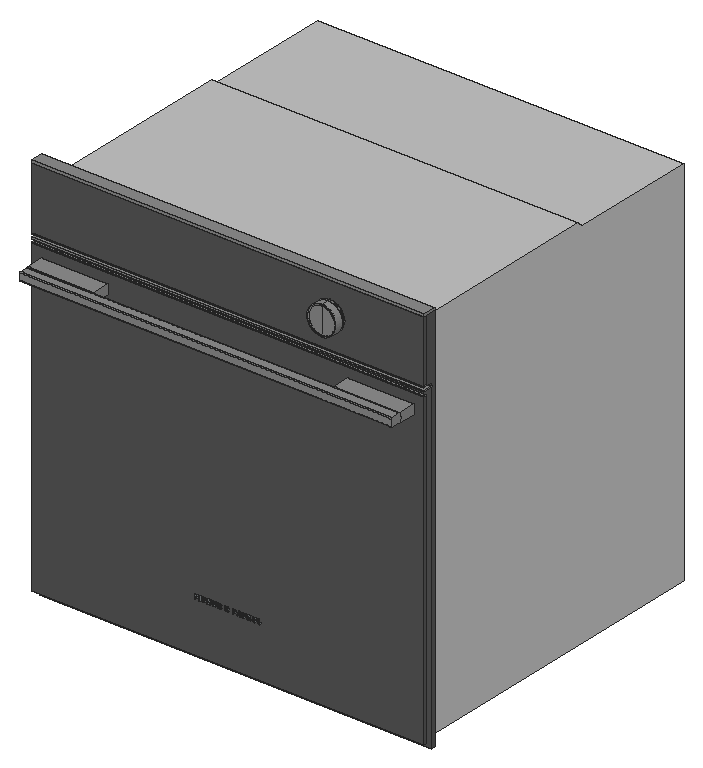
Revit family "FP-Revit19-en-OS24SMTDB1-SteamOven-0-90003139A-US-CA", category Specialty Equipment, Revit 2019
Family settings
  Round Connector Dimension = Use Diameter
  Part Type = Normal
  OmniClass Number = 23.40.40.14.17.11
  OmniClass Title = Cookers, Ovens, Stoves
  Work Plane-Based = No
  Always vertical = Yes
  Cut with Voids When Loaded = Yes
  Shared = No
  Room Calculation Point = No
Parameters (values of type "OS24SMTDB1")
  Visibility - Clearance Required = yes
  URL = "www.fisherpaykel.com"
  Product - Height = 598 mm  # constant formula
  Product - Width = 596 mm  # constant formula
  Product - Depth (Exc. Handles) = 565 mm  # constant formula
  Opening - Height = 600 mm  # constant formula
  Model = "OS24SMTDB1"
  Material - Trim = Fisher & Paykel - Aluminium, Dark
  Material - Structure = Fisher & Paykel - Black
  Material - Handle = Fisher & Paykel - Aluminium, Dark
  Material - Glass = Fisher & Paykel - Glass, Black
  Material - Buttons and Dials = Fisher & Paykel - Aluminium, Dark
  Material - Body = Fisher & Paykel - Grey
  Manufacturer = "Fisher & Paykel Appliances"
  FFL Offset [instance] = 915 mm
  Description = "Combination Steam Oven, 24\", 23 Function"
  Connector Description - Electrical = "208–240V, 60Hz, 16.6-19.4 A"
  Chassis - Width = 556 mm  # constant formula
  Chassis - Height = 575 mm  # constant formula
  Chassis - Depth = 545 mm  # constant formula
  Cavity - Width = 560 mm  # constant formula
  Cavity - Height = 580 mm  # constant formula
  Cavity - Depth = 550 mm  # constant formula
Reference planes
  plane 1 "Datum": y = 0
  plane 2: z = -2
  plane 3 "Center (Left/Right)": x = 0
  plane 4 "Product LHS": x = -298
  plane 5 "Product RHS": x = 298
  plane 6 "Cavity RHS": x = 280
  plane 7 "FFL Offset": z = 913
  plane 8 "Chassis - Depth": y = 545
  plane 9 "Front Face": y = -20
  plane 10 "Chassis - Height": z = 1488
  plane 11 "Cavity - Height": z = 1493
  plane 12 "Opening - Height": z = 1513
  plane 13 "Cavity LHS": x = -280
  plane 14 "Cavity - Depth": y = 550
  plane 15 "Product - Height": z = 1511
  plane 16 "Opening - RHS": x = 300
  plane 17 "Opening - LHS": x = -300
  plane 18 "Chassis RHS": x = 278
  plane 19 "Chassis LHS": x = -278
Forms (mm)
  Extrusion 1, solid, material "Fisher & Paykel - Grey" <- "Material - Body"
    sketch origin (0, 0, 0) x (0, 1, 0) y (0, 0, 1)
      loop
        line (0, 1488) -> (0, 913) -> (528, 913) -> (528, 1103) -> (545, 1123) -> (545, 1318) -> (498, 1373) -> (498, 1481) -> (305, 1481) -> (298, 1488) -> (0, 1488)
    from -278 to 278
  Extrusion 2, solid, material "Fisher & Paykel - Black" <- "Material - Structure", detail levels fine
    sketch origin (0, 0, 0) x (0, 1, 0) y (0, 0, 1)
      loop
        line (0, 1507.7) -> (-16, 1507.7) -> (-16, 1411) -> (-4, 1411) -> (-4, 913) -> (0, 913) -> (0, 1507.7)
    from -298 to 298
  Extrusion 3, solid, material "Fisher & Paykel - Glass, Black" <- "Material - Glass", detail levels fine
    sketch origin (0, 0, -3) x (0, 1, 0) y (0, 0, 1)
      loop
        line (-20, 1401.4) -> (-20, 927.5) -> (-16, 927.5) -> (-16, 1401.4) -> (-20, 1401.4)
      loop
        line (-20, 1415.6) -> (-16, 1415.6) -> (-16, 1510.7) -> (-20, 1510.7) -> (-20, 1415.6)
    from -298 to 298
  Extrusion 4, solid, material "Fisher & Paykel - Black" <- "Material - Structure", detail levels fine
    sketch origin (0, 0, 0) x (0, 1, 0) y (0, 0, 1)
      loop
        line (-16, 924.5) -> (-4, 924.5) -> (-4, 1395.364) -> (-13.99, 1399) -> (-16, 1399) -> (-16, 924.5)
    from -268 to 268
  Extrusion 5, solid, material "Fisher & Paykel - Clearance Required", visible <- "Visibility - Clearance Required", detail levels coarse
    sketch origin (0, 0, -2) x (1, 0, 0) y (0, 1, 0)
      loop
        line (-280, 0) -> (280, 0) -> (280, 550) -> (-280, 550) -> (-280, 0)
    from 915 to 1495
  Extrusion 6, void
    sketch origin (0, 0, 0) x (0, 1, 0) y (0, 0, 1)
      loop
        line (-20, 913) -> (0, 913) -> (0, 1513) -> (-20, 1513) -> (-20, 913)
    from -300 to 300
  Extrusion 7, solid, material "Fisher & Paykel - Aluminium, Dark" <- "Material - Trim", detail levels fine
    sketch origin (0, 0, -1.199) x (0, 1, 0) y (0, 0, 1)
      loop
        line (-16, 1412.199) -> (-16, 1413.799) -> (-20, 1413.799) -> (-20, 1412.199) -> (-16, 1412.199)
      loop
        line (-16, 1399.599) -> (-16, 1401.199) -> (-20, 1401.199) -> (-20, 1399.599) -> (-16, 1399.599)
      loop
        line (-4, 1405.799) -> (-4, 1407.399) -> (-20, 1407.399) -> (-20, 1405.799) -> (-4, 1405.799)
      loop
        line (0, 1508.899) -> (0, 1512.199) -> (-20, 1512.199) -> (-20, 1508.899) -> (0, 1508.899)
    from -298 to 298
  Extrusion 8, void
    sketch origin (0, 0, -2) x (1, 0, 0) y (0, 1, 0)
      loop
        line (201.865, 545) -> (229, 498) -> (278, 498) -> (278, 545) -> (201.865, 545)
      loop
        line (-201.865, 545) -> (-278, 545) -> (-278, 498) -> (-229, 498) -> (-201.865, 545)
    from 915 to 1495
  Extrusion 9, void
    sketch origin (0, 0, -2) x (1, 0, 0) y (0, 1, 0)
      loop
        line (-280, 0) -> (280, 0) -> (280, 550) -> (-280, 550) -> (-280, 0)
    from 915 to 1495
  Extrusion 10, solid, material "Fisher & Paykel - Glass, Black" <- "Material - Glass", detail levels coarse+medium
    sketch origin (0, 1, 0) x (0, 1, 0) y (0, 0, 1)
      loop
        line (-1, 1511) -> (-21, 1511) -> (-21, 1411) -> (-5, 1411) -> (-5, 1395.364) -> (-14.99, 1399) -> (-17, 1399) -> (-17, 1400) -> (-21, 1400) -> (-21, 924.5) -> (-5, 924.5) -> (-5, 913) -> (-1, 913) -> (-1, 1511)
    from -298 to 298
  Extrusion 11, solid, material "Fisher & Paykel - Clearance Required", visible <- "Visibility - Clearance Required", detail levels coarse
    sketch origin (0, 0, 0) x (0, 1, 0) y (0, 0, 1)
      loop
        line (-20, 946.639) -> (-20, 913) -> (0, 913) -> (0, 1513) -> (-20, 1513) -> (-20, 1400)
        arc (-20, 1400) -> (-332.479, 1274.952) -> (-475.335, 970.203) r 458.415
        line (-475.335, 970.203) -> (-461.431, 969.484) -> (-463.168, 935.896) -> (-450.381, 935.235) -> (-448.645, 968.805) -> (-20, 946.639)
    from -300 to 300
Cuts and joins
  Extrusion 8 cuts Extrusion 1
Text (mm)
  text "Due to ongoing product development, product details are subject to change without notice. \nPlease always refer to www.fisherpaykel.com for the most current product information. \n© Fisher & Paykel 2020" at (41.04, -613.295, 0), in view "Ref. Level (Plan)"
Dimensions and locks
  equal spacing: plane 4 "Product LHS", plane 3 "Center (Left/Right)", plane 5 "Product RHS"
  "Product - Width": plane 4 "Product LHS" to plane 5 "Product RHS"
  "FFL Offset": plane 7 "FFL Offset" to level
  locked: plane 9 "Front Face" to plane 1 "Datum" at 20
  "Cavity - Height": plane 11 "Cavity - Height" to plane 7 "FFL Offset"
  "Chassis - Height": plane 10 "Chassis - Height" to plane 7 "FFL Offset"
  "Cavity - Depth": plane 1 "Datum" to plane 14 "Cavity - Depth"
  "Cavity - Width": plane 13 "Cavity LHS" to plane 6 "Cavity RHS"
  Extrusion 6 to Extrusion 3 = 11.5 mm
  "Chassis - Depth": plane 1 "Datum" to plane 8 "Chassis - Depth"
  equal spacing: plane 13 "Cavity LHS", plane 3 "Center (Left/Right)", plane 6 "Cavity RHS"
  "Opening - Height": plane 7 "FFL Offset" to plane 12 "Opening - Height"
  "Product - Height": plane 7 "FFL Offset" to plane 15 "Product - Height"
  equal spacing: cut or joined group of Extrusion 1, Extrusion 8, plane 3 "Center (Left/Right)", cut or joined group of Extrusion 1, Extrusion 8
  "Chassis - Width": cut or joined group of Extrusion 1, Extrusion 8 to cut or joined group of Extrusion 1, Extrusion 8
  locked: nested 2 to plane 15 "Product - Height" at 129.028
  locked: plane 15 "Product - Height" to nested 4 at 502.847
  locked: nested 1 to plane 15 "Product - Height" at 52.1
  locked: nested 3 to plane 15 "Product - Height" at 135
  aligned and locked: level to plane 2
  aligned and locked: plane 4 "Product LHS" to Extrusion 3
  aligned and locked: Extrusion 3 to plane 5 "Product RHS"
  aligned and locked: plane 4 "Product LHS" to Extrusion 2
  aligned and locked: Extrusion 2 to plane 5 "Product RHS"
  aligned and locked: Extrusion 1 to plane 7 "FFL Offset"
  aligned and locked: Extrusion 7 to plane 5 "Product RHS"
  aligned and locked: Extrusion 7 to Extrusion 3  (x2)
  aligned and locked: Extrusion 6 to Extrusion 3  (x2)
  aligned and locked: Extrusion 3 to Extrusion 7
  aligned and locked: Extrusion 4 to Extrusion 3
  aligned and locked: Extrusion 4 to Extrusion 2
  aligned and locked: Extrusion 7 to plane 1 "Datum"
  aligned and locked: plane 9 "Front Face" to Extrusion 6
  aligned and locked: Extrusion 5 to plane 6 "Cavity RHS"
  aligned and locked: plane 11 "Cavity - Height" to Extrusion 5
  aligned and locked: Extrusion 6 to plane 12 "Opening - Height"
  aligned and locked: Extrusion 6 to Extrusion 2
  aligned and locked: Extrusion 7 to plane 15 "Product - Height"
  aligned and locked: Extrusion 7 to Extrusion 2
  aligned and locked: Extrusion 8 to Extrusion 1
  aligned and locked: Extrusion 5 to Extrusion 2
  aligned and locked: Extrusion 5 to plane 7 "FFL Offset"
  aligned and locked: Extrusion 5 to Extrusion 8
  aligned and locked: Extrusion 1 to Extrusion 8
  aligned and locked: Extrusion 9 to Extrusion 5
  aligned and locked: Extrusion 2 to Extrusion 9
  aligned and locked: Extrusion 6 to plane 7 "FFL Offset"
  aligned and locked: Extrusion 2 to plane 7 "FFL Offset"
  aligned and locked: Extrusion 3 to Extrusion 4
Automatic sketch dimensions
  Extrusion 1 sketch curve to plane 1 "Datum" = 0 mm
  Extrusion 1 sketch curve to plane 10 "Chassis - Height" = 0 mm
  Extrusion 1 sketch curve to plane 7 "FFL Offset" = 0 mm
  Extrusion 1 sketch curve to plane 8 "Chassis - Depth" = 0 mm
  Extrusion 1 sketch curve to Extrusion 1 sketch curve = 7 mm
  Extrusion 1 sketch curve to plane 10 "Chassis - Height" = 7 mm
  plane 7 "FFL Offset" to Extrusion 1 sketch curve = 190 mm
  Extrusion 1 sketch curve to Extrusion 1 sketch curve = 20 mm
  Extrusion 1 sketch curve to Extrusion 1 sketch curve = 163 mm
  Extrusion 1 sketch curve to Extrusion 1 sketch curve = 55 mm
  Extrusion 2 sketch curve to plane 7 "FFL Offset" = 0 mm
  Extrusion 2 sketch curve to plane 1 "Datum" = 0 mm
  plane 1 "Datum" to Extrusion 2 sketch curve = 4 mm
  Extrusion 2 sketch curve to plane 9 "Front Face" = 4 mm
  Extrusion 2 sketch curve to plane 10 "Chassis - Height" = 77 mm
  plane 15 "Product - Height" to Extrusion 2 sketch curve = 3.3 mm
  Extrusion 3 sketch curve to plane 9 "Front Face" = 0 mm  (x2)
  Extrusion 3 sketch curve to Extrusion 3 sketch curve = 4 mm  (x2)
  plane 7 "FFL Offset" to Extrusion 3 sketch curve = 11.5 mm
  Extrusion 3 sketch curve to plane 10 "Chassis - Height" = 89.6 mm
  Extrusion 3 sketch curve to Extrusion 3 sketch curve = 14.2 mm
  plane 15 "Product - Height" to Extrusion 3 sketch curve = 3.3 mm
  Extrusion 4 sketch curve to plane 9 "Front Face" = 4 mm
  Extrusion 4 sketch curve to Extrusion 4 sketch curve = 2.01 mm
  plane 1 "Datum" to Extrusion 4 sketch curve = 4 mm
  plane 7 "FFL Offset" to Extrusion 4 sketch curve = 11.5 mm
  Extrusion 4 sketch curve to plane 10 "Chassis - Height" = 92.636 mm
  Extrusion 4 sketch curve to Extrusion 4 sketch curve = 3.636 mm
  Extrusion 5 sketch curve to plane 13 "Cavity LHS" = 0 mm
  Extrusion 5 sketch curve to plane 6 "Cavity RHS" = 0 mm
  plane 1 "Datum" to Extrusion 5 sketch curve = 0 mm
  Extrusion 5 sketch curve to plane 14 "Cavity - Depth" = 0 mm
  Extrusion 6 sketch curve to plane 9 "Front Face" = 0 mm
  Extrusion 6 sketch curve to plane 1 "Datum" = 0 mm
  Extrusion 6 sketch curve to plane 7 "FFL Offset" = 0 mm
  plane 12 "Opening - Height" to Extrusion 6 sketch curve = 0 mm
  Extrusion 7 sketch curve to plane 9 "Front Face" = 0 mm  (x4)
  Extrusion 7 sketch curve to plane 1 "Datum" = 0 mm
  plane 15 "Product - Height" to Extrusion 7 sketch curve = 0 mm
  Extrusion 7 sketch curve to Extrusion 7 sketch curve = 4 mm  (x2)
  plane 1 "Datum" to Extrusion 7 sketch curve = 4 mm
  plane 15 "Product - Height" to Extrusion 7 sketch curve = 3.3 mm
  Extrusion 7 sketch curve to plane 10 "Chassis - Height" = 75.4 mm
  Extrusion 7 sketch curve to Extrusion 7 sketch curve = 1.6 mm  (x3)
  Extrusion 7 sketch curve to Extrusion 7 sketch curve = 4.8 mm
  Extrusion 7 sketch curve to Extrusion 7 sketch curve = 4.6 mm
  Extrusion 8 sketch curve to plane 8 "Chassis - Depth" = 0 mm  (x2)
  Extrusion 8 sketch curve to plane 19 "Chassis LHS" = 0 mm
  Extrusion 8 sketch curve to plane 18 "Chassis RHS" = 0 mm
  Extrusion 8 sketch curve to Extrusion 8 sketch curve = 49 mm  (x2)
  Extrusion 8 sketch curve to Extrusion 8 sketch curve = 27.135 mm
  Extrusion 8 sketch curve to Extrusion 8 sketch curve = 76.135 mm
  Extrusion 9 sketch curve to plane 13 "Cavity LHS" = 0 mm
  Extrusion 9 sketch curve to plane 6 "Cavity RHS" = 0 mm
  plane 1 "Datum" to Extrusion 9 sketch curve = 0 mm
  Extrusion 9 sketch curve to plane 14 "Cavity - Depth" = 0 mm
  Extrusion 10 sketch curve to plane 9 "Front Face" = 0 mm  (x2)
  Extrusion 10 sketch curve to plane 7 "FFL Offset" = 0 mm
  Extrusion 10 sketch curve to plane 1 "Datum" = 0 mm
  plane 15 "Product - Height" to Extrusion 10 sketch curve = 0 mm
  Extrusion 10 sketch curve to plane 9 "Front Face" = 4 mm
  Extrusion 10 sketch curve to Extrusion 10 sketch curve = 2.01 mm
  plane 1 "Datum" to Extrusion 10 sketch curve = 4 mm  (x2)
  plane 7 "FFL Offset" to Extrusion 10 sketch curve = 11.5 mm
  Extrusion 10 sketch curve to plane 10 "Chassis - Height" = 92.636 mm
  Extrusion 10 sketch curve to Extrusion 10 sketch curve = 3.636 mm
  Extrusion 10 sketch curve to Extrusion 10 sketch curve = 1 mm
  Extrusion 10 sketch curve to Extrusion 10 sketch curve = 11 mm
  plane 9 "Front Face" to Extrusion 11 sketch curve = 455.335 mm
  Extrusion 11 sketch curve to Extrusion 11 sketch curve = 12.167 mm
  plane 12 "Opening - Height" to Extrusion 11 sketch curve = 543.516 mm
  Extrusion 11 sketch curve to Extrusion 11 sketch curve = 13.904 mm
  Extrusion 11 sketch curve to Extrusion 11 sketch curve = 12.787 mm
  plane 12 "Opening - Height" to Extrusion 11 sketch curve = 544.195 mm
  Extrusion 11 sketch curve to Extrusion 11 sketch curve = 12.786 mm
  plane 9 "Front Face" to Extrusion 11 sketch curve = 0 mm  (x2)
  Extrusion 11 sketch curve to Extrusion 11 sketch curve = 2.186 mm
  Extrusion 11 sketch curve to Extrusion 11 sketch curve = 20 mm
  Extrusion 11 sketch curve to Extrusion 11 sketch curve = 33.639 mm
  Extrusion 11 sketch curve to Extrusion 11 sketch curve = 5.049 mm
  Extrusion 11 sketch curve to Extrusion 11 sketch curve = 113 mm
  Extrusion 1 sketch curve to plane 8 "Chassis - Depth" = 247 mm
  Extrusion 1 sketch curve to plane 8 "Chassis - Depth" = 47 mm
  Extrusion 1 sketch curve to plane 8 "Chassis - Depth" = 17 mm
  Extrusion 8 sketch curve to plane 8 "Chassis - Depth" = 47 mm  (x2)
Nested families
  nested 1: "F&P Dial Minimal Oven" at (155.3, -20, 1459), type "F&P Dial Minimal Oven"
  nested 2: "F&P Power Connection Oven" at (-238.509, 523.004, 1424) x (0, -1, 0) z (0, 0, 1), type "F&P Power Connection Oven"
  nested 3: "F&P Handle Contemporary Square Fine OB60-24" at (0, -20, 1376.022), type "Aluminium Black"
  nested 4: "F&P Logo 100mm" at (0.044, -20, 1002), type "Grey"
Connectors
  electrical at (-238.509, 498, 1424), driven by "Connector Description - Electrical"
    settings: on nested 2, index 1, voltage 120 V, apparent load 0 VA, apparent load phase1 0 VA, apparent load phase2 0 VA, apparent load phase3 0 VA, power factor 1, load classification "Other", number of poles 1, system type 30, power factor state 1, is connector primary yes, connector utility no, sub classification motor no, connector description "208–240V, 60Hz, 16.6-19.4 A"
Definition of nested family "F&P Dial Minimal Oven"
  Parameters (values of type "F&P Dial Minimal Oven")
    URL = "www.fisherpaykel.com"
    Material - Buttons and Dials = none
    Manufacturer = "Fisher & Paykel Appliances"
  Reference planes
    plane 1 "Center (Front/Back)": y = 0
    plane 2: z = 0
    plane 3 "Center (Left/Right)": x = 0
    plane 4: x = 0
    plane 5 "Dial": z = 0
  Forms (mm)
    Revolve 1, solid, material <- "Material - Buttons and Dials", detail levels fine
      sketch origin (0, 0, 0) x (0, 1, 0) y (0, 0, 1)
        loop
          line (-15.2, 0) -> (0, 0) -> (0, 22) -> (-0.8, 22) -> (-0.8, 18.5) -> (-4.2, 18.5) -> (-4.2, 20.136) -> (-4.7, 22) -> (-15.8, 22) -> (-15.8, 21.2) -> (-15.301, 20) -> (-15.301, 0)
        axis (-15.8, 0) -> (0, 0)
      angle from 0 to 360
    Revolve 2, solid, material <- "Material - Buttons and Dials", detail levels coarse+medium
      sketch origin (0, 0, 0) x (0, 1, 0) y (0, 0, 1)
        loop
          line (0, 18.5) -> (-4.2, 18.5) -> (-4.2, 22) -> (-15.8, 22) -> (-15.8, 0) -> (0, 0) -> (0, 18.5)
        axis (-15.8, 0) -> (0, 0)
      angle from 0 to 360
  Dimensions and locks
    aligned and locked: level to plane 2
Definition of nested family "F&P Power Connection Oven"
  Parameters (values of type "F&P Power Connection Cooktop")
    URL = "www.fisherpaykel.com"
    Model = ""
    Material - Body = none
    Manufacturer = "Fisher & Paykel Appliances"
    Description = ""
  Reference planes
    plane 1 "Center (Front/Back)": y = 0
    plane 2: z = 0
    plane 3 "Center (Left/Right)": x = 0
    plane 4 "Cable": y = 0
  Forms (mm)
    Revolve 1, solid, material <- "Material - Body"
      sketch origin (-0.023, -399.847, 84.822) x (0, 1, 0) y (0, 0, -1)
        loop
          line (399.847, 73.156) -> (399.847, 126.85) -> (388.182, 126.85) -> (388.182, 84.821)
          arc (388.182, 84.821) -> (391.598, 76.573) -> (399.847, 73.156) r 11.665
        axis (399.847, 73.156) -> (399.847, 126.85)
      angle from 0 to 360
    Revolve 2, solid, material <- "Material - Body"
      sketch origin (399.232, 0, 534.575) x (-1, 0, 0) y (0, 0, 1)
        loop
          line (374.229, -522.91) -> (374.229, -534.575) -> (410.733, -534.575)
          arc (410.733, -534.575) -> (407.312, -526.326) -> (399.061, -522.91) r 11.672
          line (399.061, -522.91) -> (374.229, -522.91)
        axis (374.229, -534.575) -> (410.733, -534.575)
      angle from 0 to 360
    Revolve 3, solid, material <- "Material - Body", detail levels fine
      sketch origin (0, 0.009, -36.5) x (1, 0, 0) y (0, -1, 0)
        loop
          line (-6, -15.491) -> (9, -15.491) -> (9, -13.132) -> (-4, -13.132) -> (-4, -11.491) -> (-6, -11.491) -> (-6, -15.491)
        axis (-6, -15.491) -> (9, -15.491)
      angle from 0 to 360
    Extrusion 4, solid, material <- "Material - Body", detail levels fine
      sketch origin (0, 0.206, -626.022) x (0, 1, 0) y (0, 0, 1)
        loop
          line (-10.988, 595.022) -> (-15.706, 595.022)
          arc (-15.706, 595.022) -> (-21.206, 589.522) -> (-15.706, 584.022) r 5.5
          line (-15.706, 584.022) -> (-10.988, 584.022) -> (-10.988, 595.022)
      from -4 to 0
    Extrusion 5, solid, material <- "Material - Body", detail levels fine
      sketch origin (0, -0.206, -626.022) x (0, -1, 0) y (0, 0, -1)
        loop
          line (-11.044, -595.022) -> (-11.044, -584.022) -> (-15.706, -584.022)
          arc (-15.706, -584.022) -> (-21.206, -589.522) -> (-15.706, -595.022) r 5.5
          line (-15.706, -595.022) -> (-11.044, -595.022)
      from -4 to 0
    Revolve 6, solid, material <- "Material - Body", detail levels fine
      sketch origin (0, -0.009, -36.5) x (1, 0, 0) y (0, 1, 0)
        loop
          line (-6, -15.491) -> (9, -15.491) -> (9, -13.132) -> (-4, -13.132) -> (-4, -11.491) -> (-6, -11.491) -> (-6, -15.491)
        axis (-6, -15.491) -> (9, -15.491)
      angle from 0 to 360
  Text (mm)
    text "Due to ongoing product development, product details are subject to change without notice. \nPlease always refer to www.fisherpaykel.com for the most current product information. \n© Fisher & Paykel 2020" at (41.04, -387.478, 0), in view "Ref. Level (Plan)"
  Dimensions and locks
    aligned and locked: level to plane 2
Definition of nested family "F&P Handle Contemporary Square Fine OB60-24"
  Parameters (values of type "Aluminium Black")
    URL = "www.fisherpaykel.com"
    Material - Handle = none
    Manufacturer = "Fisher & Paykel Appliances"
    Handle - Length = 565 mm
  Reference planes
    plane 1 "Center (Front/Back)": y = 0
    plane 2: z = 0
    plane 3 "Center (Left/Right)": x = 0
    plane 4 "Product LHS": x = -282.5
    plane 5 "Product RHS": x = 282.5
    plane 6 "LHS Standoff": x = -182.495
    plane 7 "RHS Standoff": x = 182.505
    plane 8 "Handle centre": z = -0.022
    plane 9: z = -0.022
  Forms (mm)
    Extrusion 1, solid, material <- "Material - Handle", detail levels fine
      sketch origin (0, 0, 0) x (0, 1, 0) y (0, 0, 1)
        loop
          arc (-26.813, 6.16) -> (-27.196, 6.554) -> (-27.728, 6.686) r 1
          line (-27.728, 6.686) -> (-40.035, 6.256)
          arc (-40.035, 6.256) -> (-40.719, 5.951) -> (-41, 5.257) r 1
          line (-41, 5.257) -> (-41, -5.257)
          arc (-41, -5.257) -> (-40.719, -5.951) -> (-40.035, -6.256) r 1
          line (-40.035, -6.256) -> (-27.709, -6.686)
          arc (-27.709, -6.686) -> (-27.175, -6.554) -> (-26.792, -6.158) r 1
          arc (-26.792, -6.158) -> (-25.256, 0.004) -> (-26.813, 6.16) r 13.038
      from -282.5 to 282.5
    Extrusion 2, solid, material <- "Material - Handle", detail levels fine
      sketch origin (0, 0, 0) x (0, 1, 0) y (0, 0, 1)
        loop
          arc (-26.626, -6.008) -> (-26.614, -6.49) -> (-26.2, -6.737) r 0.5
          line (-26.2, -6.737) -> (0, -7.696) -> (0, 7.704) -> (-26.174, 6.747)
          arc (-26.174, 6.747) -> (-26.587, 6.5) -> (-26.6, 6.019) r 0.5
          arc (-26.6, 6.019) -> (-25.156, 0.002) -> (-26.626, -6.008) r 13.136
      from 182.505 to 282.5
    Extrusion 3, solid, material <- "Material - Handle", detail levels coarse+medium
      sketch origin (0, 0, 0) x (1, 0, 0) y (0, 1, 0)
        loop
          line (-282.5, -42) -> (282.5, -42) -> (282.5, 0) -> (182.505, 0) -> (182.505, -26.156) -> (-182.495, -26.156) -> (-182.495, 0) -> (-282.5, 0) -> (-282.5, -42)
      from -8.022 to 7.978
    Extrusion 4, solid, material <- "Material - Handle", detail levels fine
      sketch origin (0, 0, 0) x (0, 1, 0) y (0, 0, 1)
        loop
          arc (-26.626, -6.008) -> (-26.614, -6.49) -> (-26.2, -6.737) r 0.5
          line (-26.2, -6.737) -> (0, -7.696) -> (0, 7.704) -> (-26.174, 6.747)
          arc (-26.174, 6.747) -> (-26.587, 6.5) -> (-26.6, 6.019) r 0.5
          arc (-26.6, 6.019) -> (-25.156, 0.002) -> (-26.626, -6.008) r 13.136
      from -282.5 to -182.495
  Dimensions and locks
    equal spacing: plane 4 "Product LHS", plane 3 "Center (Left/Right)", plane 5 "Product RHS"
    "Handle - Length": plane 4 "Product LHS" to plane 5 "Product RHS"
    locked: plane 4 "Product LHS" to plane 6 "LHS Standoff" at 100.005
    locked: plane 7 "RHS Standoff" to plane 5 "Product RHS" at 99.995
    aligned and locked: level to plane 2
    aligned and locked: Extrusion 1 to plane 5 "Product RHS"
    aligned and locked: plane 4 "Product LHS" to Extrusion 1
    aligned and locked: Extrusion 2 to plane 5 "Product RHS"
    aligned and locked: plane 4 "Product LHS" to Extrusion 3 sketch curve
    aligned and locked: Extrusion 3 sketch curve to plane 5 "Product RHS"
    aligned and locked: Extrusion 3 sketch curve to plane 7 "RHS Standoff"
    aligned and locked: plane 6 "LHS Standoff" to Extrusion 3 sketch curve
    aligned and locked: plane 4 "Product LHS" to Extrusion 4
    aligned and locked: plane 6 "LHS Standoff" to Extrusion 4
    aligned and locked: Extrusion 2 to plane 7 "RHS Standoff"
  Automatic sketch dimensions
    Extrusion 1 sketch curve to level = 5.257 mm
    plane 1 "Center (Front/Back)" to Extrusion 1 sketch curve = 41 mm
    level to Extrusion 1 sketch curve = 6.256 mm
    Extrusion 1 sketch curve to Extrusion 1 sketch curve = 0.965 mm  (x2)
    Extrusion 1 sketch curve to level = 6.256 mm
    Extrusion 1 sketch curve to Extrusion 1 sketch curve = 0.035 mm  (x3)
    Extrusion 1 sketch curve to level = 0.018 mm
    Extrusion 1 sketch curve to Extrusion 1 sketch curve = 1.706 mm
    level to Extrusion 1 sketch curve = 6.686 mm
    Extrusion 1 sketch curve to Extrusion 1 sketch curve = 12.307 mm
    Extrusion 1 sketch curve to level = 6.686 mm
    Extrusion 1 sketch curve to Extrusion 1 sketch curve = 12.326 mm
    Extrusion 1 sketch curve to Extrusion 1 sketch curve = 0.999 mm  (x2)
    Extrusion 1 sketch curve to Extrusion 1 sketch curve = 0 mm
    Extrusion 2 sketch curve to plane 1 "Center (Front/Back)" = 0 mm
    level to Extrusion 2 sketch curve = 6.247 mm
    plane 1 "Center (Front/Back)" to Extrusion 2 sketch curve = 26.155 mm
    level to Extrusion 2 sketch curve = 6.747 mm
    Extrusion 2 sketch curve to Extrusion 2 sketch curve = 0.018 mm  (x2)
    Extrusion 2 sketch curve to level = 6.238 mm
    Extrusion 2 sketch curve to Extrusion 2 sketch curve = 0.026 mm
    Extrusion 2 sketch curve to level = 6.737 mm
    level to Extrusion 2 sketch curve = 0.03 mm
    Extrusion 2 sketch curve to Extrusion 2 sketch curve = 12.11 mm
    Extrusion 2 sketch curve to level = 7.696 mm
    level to Extrusion 2 sketch curve = 7.704 mm
    Extrusion 2 sketch curve to Extrusion 2 sketch curve = 0 mm
    plane 1 "Center (Front/Back)" to Extrusion 3 sketch curve = 42 mm
    Extrusion 3 sketch curve to Extrusion 3 sketch curve = 15.844 mm
    Extrusion 3 sketch curve to Extrusion 3 sketch curve = 26.156 mm  (x2)
    level to Extrusion 4 sketch curve = 0.03 mm
    plane 1 "Center (Front/Back)" to Extrusion 4 sketch curve = 38.291 mm
    Extrusion 4 sketch curve to level = 6.737 mm
    Extrusion 4 sketch curve to Extrusion 4 sketch curve = 12.091 mm
    Extrusion 4 sketch curve to Extrusion 4 sketch curve = 0.018 mm  (x2)
    level to Extrusion 4 sketch curve = 6.747 mm
    Extrusion 4 sketch curve to Extrusion 4 sketch curve = 0.008 mm
    level to Extrusion 4 sketch curve = 7.704 mm
    Extrusion 4 sketch curve to Extrusion 4 sketch curve = 26.174 mm
    Extrusion 4 sketch curve to level = 7.696 mm
    Extrusion 4 sketch curve to Extrusion 4 sketch curve = 0.5 mm  (x2)
    Extrusion 4 sketch curve to Extrusion 4 sketch curve = 0 mm
Definition of nested family "F&P Logo 100mm"
  Parameters (values of type "Grey")
    URL = "www.fisherpaykel.com"
    Material - Logo = none
    Manufacturer = "Fisher & Paykel Appliances"
  Reference planes
    plane 1 "Center (Front/Back)": y = 0
    plane 2: z = 0
    plane 3 "Center (Left/Right)": x = 0
  Forms (mm)
    Extrusion 1, solid, material <- "Material - Logo", detail levels fine
      sketch origin (0, 0, 0) x (1, 0, 0) y (0, 0, 1)
        loop
          line (-50.044, 0) -> (-48.47, 0) -> (-48.47, 2.138) -> (-46.011, 2.138) -> (-46.011, 3.472) -> (-48.47, 3.472) -> (-48.47, 4.712) -> (-45.795, 4.712) -> (-45.795, 6.04) -> (-50.044, 6.04) -> (-50.044, 0)
        loop
          line (-42.804, 6.04) -> (-42.804, 0) -> (-41.23, 0) -> (-41.23, 6.04) -> (-42.804, 6.04)
        loop
          line (-30.724, 6.04) -> (-30.724, 0) -> (-29.151, 0) -> (-29.151, 2.42) -> (-26.839, 2.42) -> (-26.839, 0) -> (-25.265, 0) -> (-25.265, 6.04) -> (-26.839, 6.04) -> (-26.839, 3.748) -> (-29.151, 3.748) -> (-29.151, 6.04) -> (-30.724, 6.04)
        loop
          line (-21.906, 6.04) -> (-21.906, 0) -> (-17.602, 0) -> (-17.602, 1.328) -> (-20.347, 1.328) -> (-20.347, 2.42) -> (-17.838, 2.42) -> (-17.838, 3.748) -> (-20.347, 3.748) -> (-20.347, 4.712) -> (-17.602, 4.712) -> (-17.602, 6.04) -> (-21.906, 6.04)
        loop
          line (45.667, 6.04) -> (45.667, 0) -> (49.956, 0) -> (49.956, 1.328) -> (47.241, 1.328) -> (47.241, 6.04) -> (45.667, 6.04)
        loop
          line (42.431, 6.04) -> (38.112, 6.04) -> (38.112, 0) -> (42.431, 0) -> (42.431, 1.328) -> (39.687, 1.328) -> (39.687, 2.42) -> (42.195, 2.42) -> (42.195, 3.748) -> (39.687, 3.748) -> (39.687, 4.712) -> (42.431, 4.712) -> (42.431, 6.04)
        loop
          line (33.451, 3.148) -> (35.683, 6.04) -> (33.844, 6.04) -> (31.915, 3.542) -> (31.915, 6.04) -> (30.342, 6.04) -> (30.342, 0) -> (31.915, 0) -> (31.915, 2.705) -> (33.903, 0) -> (35.763, 0) -> (33.451, 3.148)
        loop
          line (21.98, 6.04) -> (24.262, 2.42) -> (24.262, 0) -> (25.837, 0) -> (25.837, 2.341) -> (28.119, 6.04) -> (26.446, 6.04) -> (25.099, 3.707) -> (23.753, 6.04) -> (21.98, 6.04)
        loop
          line (18.479, 6.04) -> (16.983, 6.04) -> (14.524, 0) -> (16.069, 0) -> (16.501, 1.112) -> (18.921, 1.112) -> (19.354, 0) -> (20.938, 0) -> (18.479, 6.04)
        loop
          line (18.4, 2.439) -> (17.693, 4.174) -> (17.018, 2.439) -> (18.4, 2.439)
        loop
          line (8.031, 6.04) -> (8.031, 0) -> (9.605, 0) -> (9.605, 1.938) -> (10.599, 1.938)
          arc (10.599, 1.938) -> (12.65, 3.989) -> (10.599, 6.04) r 2.051
          line (10.599, 6.04) -> (8.031, 6.04)
        loop
          line (9.605, 4.712) -> (9.605, 3.197) -> (10.501, 3.197)
          arc (10.501, 3.197) -> (11.259, 3.954) -> (10.501, 4.712) r 0.757
          line (10.501, 4.712) -> (9.605, 4.712)
        loop
          line (-11.783, 6.04) -> (-14.366, 6.04) -> (-14.366, 0) -> (-12.792, 0) -> (-12.792, 1.336) -> (-11.992, 1.336) -> (-10.972, 0) -> (-9.153, 0) -> (-10.694, 1.973)
          arc (-10.694, 1.973) -> (-9.678, 4.424) -> (-11.783, 6.04) r 2.179
        loop
          line (-11.897, 4.712) -> (-12.792, 4.712) -> (-12.792, 3.053) -> (-11.897, 3.053)
          arc (-11.897, 3.053) -> (-11.068, 3.882) -> (-11.897, 4.712) r 0.83
        loop
          line (0.477, 4.712) -> (0.477, 6.153) -> (-3.575, 6.153) -> (-3.575, 4.851) -> (-2.974, 4.112)
          arc (-2.974, 4.112) -> (-3.51, 0.684) -> (-0.045, 0.512) r 2.334
          line (-0.045, 0.512) -> (0.46, -0.109) -> (2.246, -0.109) -> (0.86, 1.594) -> (2.061, 3.324) -> (0.443, 3.324) -> (-0.013, 2.667) -> (-1.677, 4.712) -> (0.477, 4.712)
        loop
          arc (-2.125, 3.068) -> (-2.269, 1.668) -> (-0.868, 1.524) r 0.996
          line (-0.868, 1.524) -> (-2.125, 3.068)
        loop
          line (-35.18, 3.634) -> (-36.516, 3.91)
          arc (-36.516, 3.91) -> (-37.049, 4.443) -> (-36.516, 4.976) r 0.533
          arc (-36.516, 4.976) -> (-35.235, 4.79) -> (-34.059, 4.248) r 4.505
          line (-34.059, 4.248) -> (-34.059, 5.743)
          arc (-34.059, 5.743) -> (-35.549, 6.179) -> (-37.1, 6.109) r 4.726
          arc (-37.1, 6.109) -> (-38.536, 4.335) -> (-37.1, 2.561) r 1.814
          line (-37.1, 2.561) -> (-35.754, 2.282)
          arc (-35.754, 2.282) -> (-35.221, 1.749) -> (-35.754, 1.216) r 0.533
          arc (-35.754, 1.216) -> (-37.035, 1.402) -> (-38.211, 1.945) r 4.505
          line (-38.211, 1.945) -> (-38.211, 0.449)
          arc (-38.211, 0.449) -> (-36.72, 0.013) -> (-35.169, 0.083) r 4.726
          arc (-35.169, 0.083) -> (-33.734, 1.863) -> (-35.18, 3.634) r 1.814
      from 0 to 0.8
  Dimensions and locks
    aligned and locked: level to plane 2
